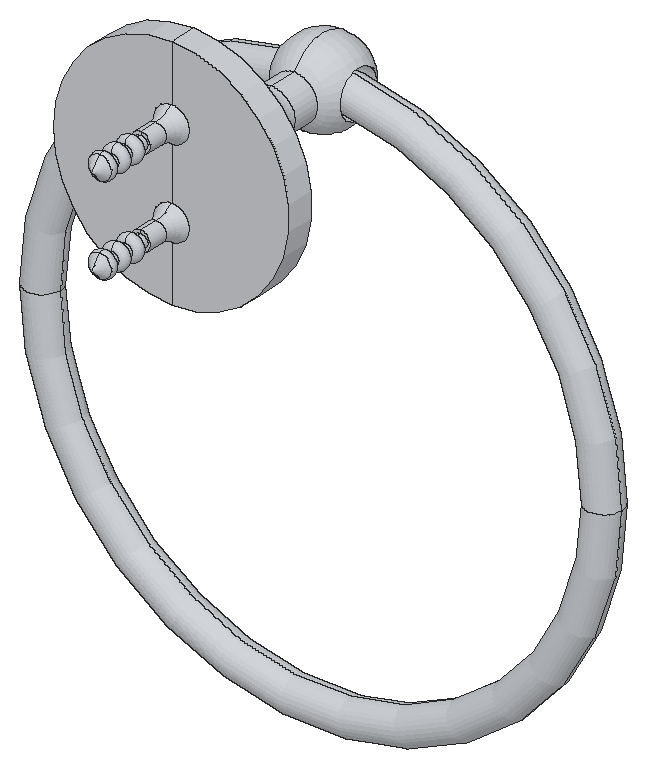
Revit family "S-1406", category Generic Models, host Wall, Revit 2023
Family settings
  Host = Wall
  Can host rebar = No
  Round Connector Dimension = Use Diameter
  Part Type = Normal
  Always vertical = Yes
  Cut with Voids When Loaded = No
  Maintain Annotation Orientation = No
  Shared = No
  Room Calculation Point = No
Parameters
  Default Elevation = 0' - 0"
Reference planes (in)
  plane 1: y = 0
  plane 2 "Center (Left/Right)": x = 0
  plane 3 "Wall Edge": y = 3
  plane 4: y = 5.45
  plane 5: y = 1.94
  plane 6: z = 0.465
  plane 7: z = -0.465
Lines and regions (in)
  symbolic lines, not visible
    curve 1: circle (0, 3, -2.96223) r 3.15 normal (0, -1, 0)
Text (in)
  text "Placement Side" at (0, 40.15149, 123.01588), in view "Left"
Dimensions and locks (in)
  locked: plane 3 "Wall Edge" to host wall
  plane 4 to plane 3 "Wall Edge" to plane 5 = 0' - 2.45", 0' - 1.06"
  nested 1 to nested 1 = 0' - 7.36"
  plane 7 to plane 6 = 0' - 0.93"
  diameter of curve 1 = 0' - 6.3"
Nested families (in)
  nested 1: "Towel Ring" at (0, 3, 0) x (-1, 0, 0) z (0, 1, 0), type "Towel Ring"
Definition of nested family "Towel Ring"
  Parameters (values of type "Towel Ring")
    Material = none
    Default Elevation = 4' - 0"
  Reference planes (in)
    plane 1 "Center (Front/Back)": y = 0
    plane 2: z = 0
    plane 3 "Center (Left/Right)": x = 0
    plane 4: z = 2.00305
    plane 5: y = 1.245
    plane 6: y = -6.115
  Forms (in)
    Extrusion 1, solid
      sketch origin (0, 0, 0) x (1, 0, 0) y (0, 1, 0)
        loop
          line (-48, 48) -> (-48, -48) -> (48, -48) -> (48, 48) -> (-48, 48)
      from 0 to -12
    Revolve 2, solid, material <- "Material"
      sketch origin (0, 12, 0) x (0, -1, 0) y (0, 0, -1)
        loop
          arc (12, -2.45) -> (12.4292, -2.12777) -> (12.23953, -1.62571) r 0.44695
          line (12.23953, -1.62571) -> (12.23953, -1.32313)
          arc (12.23953, -1.32313) -> (12.25334, -1.23934) -> (12.29332, -1.16443) r 0.26097
          arc (12.29332, -1.16443) -> (12.35688, -1.07426) -> (12.32064, -0.97006) r 0.12076
          arc (12.32064, -0.97006) -> (12.32304, -0.8094) -> (12.37573, -0.65761) r 0.50558
          arc (12.37573, -0.65761) -> (12.39682, -0.62763) -> (12.40072, -0.59118) r 0.07319
          line (12.40072, -0.59118) -> (12.48131, -0.59118)
          arc (12.48131, -0.59118) -> (12.59187, -0.54858) -> (12.64525, -0.44281) r 0.16476
          line (12.64525, -0.44281) -> (12.83297, -0.44281)
          arc (12.83297, -0.44281) -> (12.95746, -0.39959) -> (13.02839, -0.28852) r 0.2009
          line (13.02839, -0.28852) -> (13.245, -0.28852) -> (13.245, 0) -> (12, 0) -> (12, -2.45)
        axis (12, 0) -> (12, -2.45)
      angle from 0 to 360
    Revolve 3, solid, material <- "Material"
      sketch origin (0, -6.95144, 0) x (0, 1, 0) y (0, 0, 1)
        loop
          line (6.48644, 0) -> (6.48644, -1.0556) -> (6.60821, -0.94205)
          arc (6.60821, -0.94205) -> (6.61265, -0.87718) -> (6.5571, -0.8434) r 0.06257
          line (6.5571, -0.8434) -> (6.5571, -0.78817)
          arc (6.5571, -0.78817) -> (6.61966, -0.7256) -> (6.5571, -0.66303) r 0.06257
          line (6.5571, -0.66303) -> (6.5571, -0.6078)
          arc (6.5571, -0.6078) -> (6.61966, -0.54523) -> (6.5571, -0.48267) r 0.06257
          line (6.5571, -0.48267) -> (6.5571, -0.40579) -> (6.59014, -0.40579) -> (6.59014, -0.20104)
          arc (6.59014, -0.20104) -> (6.61122, -0.09262) -> (6.67137, 0) r 0.28941
          line (6.67137, 0) -> (6.48644, 0)
        axis (6.48644, 0) -> (6.48644, -1.0556)
      angle from 0 to 360
    Revolve 4, solid, material <- "Material"
      sketch origin (0, 6.95144, 0) x (0, -1, 0) y (0, 0, -1)
        loop
          line (6.48644, 0) -> (6.67137, 0)
          arc (6.67137, 0) -> (6.61122, 0.09262) -> (6.59014, 0.20104) r 0.28941
          line (6.59014, 0.20104) -> (6.59014, 0.40579) -> (6.5571, 0.40579) -> (6.5571, 0.48267)
          arc (6.5571, 0.48267) -> (6.61966, 0.54523) -> (6.5571, 0.6078) r 0.06257
          line (6.5571, 0.6078) -> (6.5571, 0.66303)
          arc (6.5571, 0.66303) -> (6.61966, 0.7256) -> (6.5571, 0.78817) r 0.06257
          line (6.5571, 0.78817) -> (6.5571, 0.8434)
          arc (6.5571, 0.8434) -> (6.61265, 0.87718) -> (6.60821, 0.94205) r 0.06257
          line (6.60821, 0.94205) -> (6.48644, 1.0556) -> (6.48644, 0)
        axis (6.48644, 0) -> (6.48644, 1.0556)
      angle from 0 to 360
    Sweep 5, solid, material <- "Material"
      path origin (0, -0.44695, 2.00305) x (0, -1, 0) y (1, 0, 0)
        loop
          circle (2.51555, 0) r 3.15
      profile origin (0, 0.1875, 2.00305) x (0, -1, 0) y (0, 0, 1)
        loop
          circle (0.1875, 0) r 0.1875
    Extrusion 6, void
      sketch origin (0, 0, 0) x (0, 1, 0) y (0, 0, 1)
        loop
          circle (0, 2.00305) r 0.25
      from -0.97268 to 1.30936
  Cuts and joins
    Extrusion 6 cuts Revolve 2
  Dimensions and locks (in)
    aligned and locked: Extrusion 1 to plane 2
    aligned and locked: level to Extrusion 1
